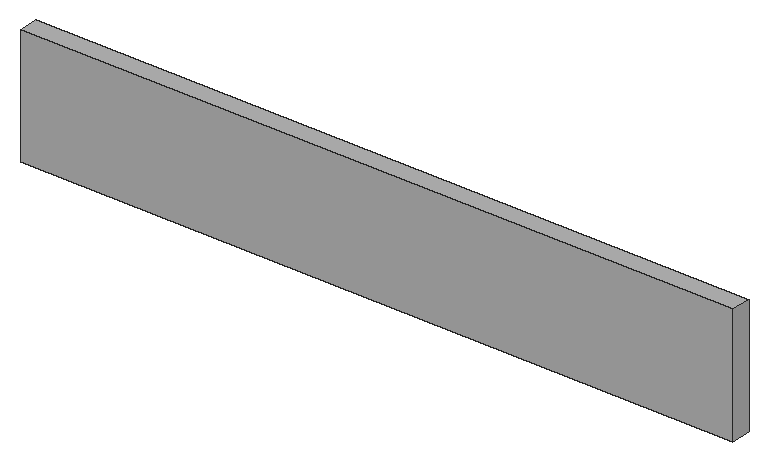
Revit family "P121 1800mm Plain Panel", category Generic Models, Revit 2020
Family settings
  Can host rebar = No
  Round Connector Dimension = Use Diameter
  Part Type = Normal
  Work Plane-Based = No
  Always vertical = Yes
  Cut with Voids When Loaded = No
  Shared = No
  Room Calculation Point = No
Parameters
  Weight = "65Kg."
  Warranty Guarantor Parts = "n/a"
  Warranty Guarantor Labour = "n/a"
  Warranty Duration Unit = "n/a"
  Warranty Duration Parts = "n/a"
  Warranty Duration Labour = "n/a"
  Warranty Description = "n/a"
  Unit Width [instance] = 50 mm
  Unit Length [instance] = 1800 mm
  Unit Height [instance] = 300 mm
  URL = "www.killeshal.com"
  Types = "Single"
  Type Comments = "Visit our website for a full list of available products."
  Sustainability Performance = "n/a"
  Structural Class = "n/a"
  Span = "Length."
  Slope = "0.00°"
  Size = "50mm Wide x 300mm High x 1800mm Long."
  Shape = "As per drawing"
  Service Life = "0.000000"
  Serial Number = "n/a"
  Resistance to Fire = "n/a"
  Replacement Cost = "n/a"
  Reference = "n/a"
  Notified Body = "n/a"
  Nominal Cover to Main Bar = "n/a"
  Model = "P/121 Panel."
  Mechanical Resistance = "n/a"
  Manufacturer = "Killeshal Precast Concrete Ltd."
  Load Bearing = no
  Life Cycle Environmental Load = "n/a"
  Length Options = "1800mm."
  Keynote = "The information contained is the sole property of KPC Ltd., any reproduction in part or whole without permission of KPC Ltd. is prohibited."
  Environmental Product Declaration = "n/a"
  Environmental Class = "n/a"
  Durability against Corrosion = "n/a"
  Dimension Accuracy Class = "n/a"
  Detailing = "As per design specification and product drawings."
  Description = "1800mm Plain Panel."
  Default Elevation = 0 mm
  Dangerous Substances = "n/a"
  Contact Tel = "0035357 9353018"
  Contact Email = "sales@killeshal.com"
  Construction Type = "Precast"
  Construction Tolerance Class = "n/a"
  Compressive Strength of Concrete = "n/a"
  Characteristics of Reinforcing Steel = "n/a"
  Characteristics Deflection Under Load = "n/a"
Reference planes
  plane 1 "Center (Front/Back)": y = 0
  plane 2: z = 0
  plane 3 "Center (Left/Right)": x = 0
  plane 4 "Rear": y = 25
  plane 5 "Center L/W": z = 300
  plane 6 "Center L/Y": y = -25
Forms (mm)
  Extrusion 1, solid, material "Precast Concrete (KPC)"
    sketch origin (0, 0, 0) x (0, 1, 0) y (0, 0, 1)
      loop
        line (-25, 300) -> (-25, 0) -> (25, 0) -> (25, 300) -> (-25, 300)
    from 0 to 1800
Lines and regions (mm)
  reference lines
    curve 1: line (0, 25, 0) -> (0, -25, 0)
    curve 2: line (0, 25, 300) -> (0, 25, 0)
    curve 3: line (0, -25, 300) -> (0, 25, 300)
    curve 4: line (0, -25, 0) -> (0, -25, 300)
Dimensions and locks
  "Unit Width": Extrusion 1 to Extrusion 1
  "Unit Height": Extrusion 1 to Extrusion 1
  "Unit Length": Extrusion 1 to Extrusion 1
  aligned and locked: level to plane 2
Automatic sketch dimensions
  curve 1 to level = 0 mm
  curve 1 to plane 6 "Center L/Y" = 0 mm
  curve 3 to plane 4 "Rear" = 0 mm
  curve 3 to plane 5 "Center L/W" = 0 mm
  Extrusion 1 sketch curve to level = 0 mm
  Extrusion 1 sketch curve to plane 6 "Center L/Y" = 0 mm
  Extrusion 1 sketch curve to plane 4 "Rear" = 0 mm
  Extrusion 1 sketch curve to plane 5 "Center L/W" = 0 mm
